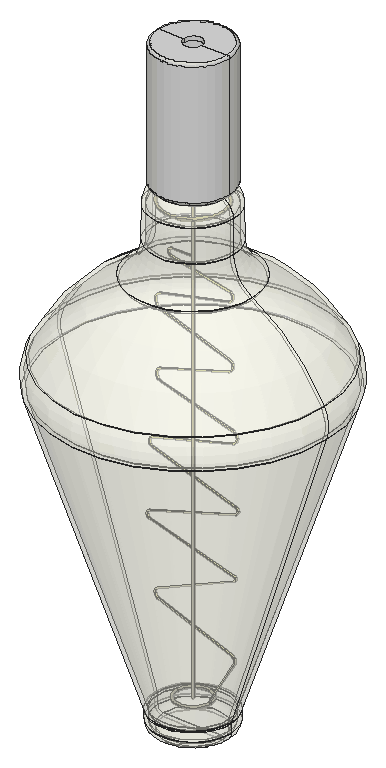
Revit family "LGB2", category Lighting Fixtures, Revit 2024
Family settings
  Round Connector Dimension = Use Diameter
  Part Type = Normal
  OmniClass Number = 23.80.70.00
  OmniClass Title = Lighting
  Work Plane-Based = No
  Always vertical = Yes
  Cut with Voids When Loaded = No
  Light Source = No
  Maintain Annotation Orientation = No
  Shared = No
  Room Calculation Point = No
Parameters
  Default Elevation = 0' - 0"
Reference planes (in)
  plane 1 "Light Source Axis (F/B)": y = 0
  plane 2: z = 0
  plane 3 "Light Source Axis (L/R)": x = 0
  plane 4 "Light Source Elevation": z = 54
Forms (in)
  Revolve 1, solid, material "48"
    sketch origin (0, 0, 3) x (1, 0, 0) y (0, 0, 1)
      loop
        arc (-0.9375, 68) -> (-0.98169, 67.98169) -> (-1, 67.9375) r 0.0625
        line (-1, 67.9375) -> (-1, 64.5625)
        arc (-1, 64.5625) -> (-0.98169, 64.51831) -> (-0.9375, 64.5) r 0.0625
        line (-0.9375, 64.5) -> (-0.90625, 64.5) -> (-0.90625, 67.90625) -> (-0.25, 67.90625) -> (-0.25, 68) -> (-0.9375, 68)
      axis (0, 68) -> (0, 64.5)
    angle from 0 to 360
  Revolve 2, solid, material "GENEVA BULB"
    sketch origin (0, 0, 3) x (1, 0, 0) y (0, 0, 1)
      loop
        arc (-0.88048, 64.42654) -> (-1.05495, 64.24589) -> (-1.11958, 64.0032) r 0.5
        line (-1.11958, 64.0032) -> (-1.12523, 63.12001)
        arc (-1.12523, 63.12001) -> (-1.26923, 62.60941) -> (-1.65415, 62.24432) r 1
        arc (-1.65415, 62.24432) -> (-2.78807, 61.37979) -> (-3.62844, 60.22786) r 4.94904
        arc (-3.62844, 60.22786) -> (-3.74607, 59.83859) -> (-3.69898, 59.43468) r 1
        line (-3.69898, 59.43468) -> (-1.06888, 51.51919)
        arc (-1.06888, 51.51919) -> (-1.0641, 51.49974) -> (-1.0625, 51.47978) r 0.125
        line (-1.0625, 51.47978) -> (-1.0625, 51.25)
        arc (-1.0625, 51.25) -> (-0.98928, 51.07322) -> (-0.8125, 51) r 0.25
        line (-0.8125, 51) -> (0, 51) -> (0, 51.09375) -> (-0.8125, 51.09375)
        arc (-0.8125, 51.09375) -> (-0.92299, 51.13951) -> (-0.96875, 51.25) r 0.15625
        line (-0.96875, 51.25) -> (-0.96875, 51.47978)
        arc (-0.96875, 51.47978) -> (-0.97156, 51.51471) -> (-0.97991, 51.54875) r 0.21875
        line (-0.97991, 51.54875) -> (-3.61002, 59.46424)
        arc (-3.61002, 59.46424) -> (-3.65266, 59.83057) -> (-3.54581, 60.18356) r 0.90625
        arc (-3.54581, 60.18356) -> (-2.72155, 61.31373) -> (-1.60929, 62.16199) r 4.85529
        arc (-1.60929, 62.16199) -> (-1.18878, 62.56127) -> (-1.03148, 63.11941) r 1.09375
        line (-1.03148, 63.11941) -> (-1.02583, 64.0026)
        arc (-1.02583, 64.0026) -> (-0.96016, 64.22147) -> (-0.78673, 64.37027) r 0.40625
        line (-0.78673, 64.37027) -> (-0.78673, 65.93591) -> (-0.88048, 65.93591) -> (-0.88048, 64.42654)
      axis (0, 65.93591) -> (0, 51)
    angle from 0 to 360
  Revolve 3, solid, material "INTERNAL"
    sketch origin (0, 0, 3) x (1, 0, 0) y (0, 0, 1)
      loop
        circle (-0.81943, 64.07284) r 0.03201
      loop
        circle (-0.4617, 51.77971) r 0.03201
      loop
        line (-0.03125, 64.22167) -> (-0.03125, 51.75853) -> (0, 51.75853) -> (0, 64.22167) -> (-0.03125, 64.22167)
      axis (0, 64.22167) -> (0, 51.75853)
    angle from 0 to 360
  Sweep 4, solid, material "INTERNAL"
    path origin (0, 0, 3) x (1, 0, 0) y (0, 0, 1)
      loop
        line (-0.25, 64.5) -> (-0.25, 64.22199) -> (0.25, 64.22199) -> (0.25, 64.5)
    profile origin (-0.25, 0, 67.361) x (0, -1, 0) y (1, 0, 0)
      loop
        circle (0, 0) r 0.0312
  Extrusion 5, solid, material "LIGHT"
    sketch origin (0, 0, 3) x (1, 0, 0) y (0, 0, 1)
      loop
        line (-0.03125, 62.67154) -> (-0.03125, 62.70279) -> (-0.58206, 62.70279)
        arc (-0.58206, 62.70279) -> (-0.6944, 62.60075) -> (-0.6036, 62.47914) r 0.11286
        line (-0.6036, 62.47914) -> (0.9749, 62.17231)
        arc (0.9749, 62.17231) -> (1.07916, 62.04806) -> (0.9793, 61.92024) r 0.12887
        line (0.9793, 61.92024) -> (-0.88609, 61.48958)
        arc (-0.88609, 61.48958) -> (-1.05815, 61.28171) -> (-0.90277, 61.06109) r 0.22221
        line (-0.90277, 61.06109) -> (0.99133, 60.46544)
        arc (0.99133, 60.46544) -> (1.0886, 60.33234) -> (0.99027, 60.20001) r 0.13895
        line (0.99027, 60.20001) -> (-0.89784, 59.62276)
        arc (-0.89784, 59.62276) -> (-1.02831, 59.44318) -> (-0.89165, 59.26827) r 0.18442
        line (-0.89165, 59.26827) -> (1.09042, 58.73717)
        arc (1.09042, 58.73717) -> (1.20274, 58.59081) -> (1.09042, 58.44444) r 0.15153
        line (1.09042, 58.44444) -> (-1.11248, 57.85417)
        arc (-1.11248, 57.85417) -> (-1.22286, 57.7129) -> (-1.11748, 57.56786) r 0.14895
        line (-1.11748, 57.56786) -> (1.1786, 56.86587)
        arc (1.1786, 56.86587) -> (1.22906, 56.79768) -> (1.1786, 56.72949) r 0.07131
        line (1.1786, 56.72949) -> (-1.20361, 56.00117)
        arc (-1.20361, 56.00117) -> (-1.28971, 55.88268) -> (-1.19953, 55.76726) r 0.12169
        line (-1.19953, 55.76726) -> (1.12968, 55.14315)
        arc (1.12968, 55.14315) -> (1.16293, 55.10281) -> (1.13562, 55.05824) r 0.04501
        line (1.13562, 55.05824) -> (-0.97222, 54.16351)
        arc (-0.97222, 54.16351) -> (-1.06867, 54.01211) -> (-0.96189, 53.86781) r 0.15847
        line (-0.96189, 53.86781) -> (1.03943, 53.1787)
        arc (1.03943, 53.1787) -> (1.12978, 53.08991) -> (1.11764, 52.96381) r 0.14713
        line (1.11764, 52.96381) -> (0.4282, 51.8164) -> (0.45499, 51.80031) -> (1.14443, 52.94772)
        arc (1.14443, 52.94772) -> (1.15915, 53.1006) -> (1.0496, 53.20824) r 0.17838
        line (1.0496, 53.20824) -> (-0.95172, 53.89735)
        arc (-0.95172, 53.89735) -> (-1.03744, 54.0132) -> (-0.96001, 54.13475) r 0.12722
        line (-0.96001, 54.13475) -> (1.14783, 55.02947)
        arc (1.14783, 55.02947) -> (1.19411, 55.10499) -> (1.13777, 55.17333) r 0.07626
        line (1.13777, 55.17333) -> (-1.19144, 55.79744)
        arc (-1.19144, 55.79744) -> (-1.25846, 55.88322) -> (-1.19448, 55.97128) r 0.09044
        line (-1.19448, 55.97128) -> (1.18774, 56.6996)
        arc (1.18774, 56.6996) -> (1.26031, 56.79768) -> (1.18774, 56.89576) r 0.10256
        line (1.18774, 56.89576) -> (-1.10835, 57.59774)
        arc (-1.10835, 57.59774) -> (-1.19162, 57.71235) -> (-1.1044, 57.82399) r 0.1177
        line (-1.1044, 57.82399) -> (1.09851, 58.41425)
        arc (1.09851, 58.41425) -> (1.23399, 58.59081) -> (1.09851, 58.76736) r 0.18278
        line (1.09851, 58.76736) -> (-0.88357, 59.29845)
        arc (-0.88357, 59.29845) -> (-0.99707, 59.44373) -> (-0.8887, 59.59287) r 0.15317
        line (-0.8887, 59.59287) -> (0.99941, 60.17013)
        arc (0.99941, 60.17013) -> (1.11985, 60.33221) -> (1.00071, 60.49525) r 0.1702
        line (1.00071, 60.49525) -> (-0.89339, 61.0909)
        arc (-0.89339, 61.0909) -> (-1.02692, 61.28049) -> (-0.87906, 61.45913) r 0.19096
        line (-0.87906, 61.45913) -> (0.98633, 61.88979)
        arc (0.98633, 61.88979) -> (1.11041, 62.0486) -> (0.98086, 62.20299) r 0.16012
        line (0.98086, 62.20299) -> (-0.59763, 62.50982)
        arc (-0.59763, 62.50982) -> (-0.6633, 62.59775) -> (-0.58206, 62.67154) r 0.08161
        line (-0.58206, 62.67154) -> (-0.03125, 62.67154)
    from 0.01562 to -0.01562
Dimensions and locks (in)
  aligned and locked: level to plane 2
